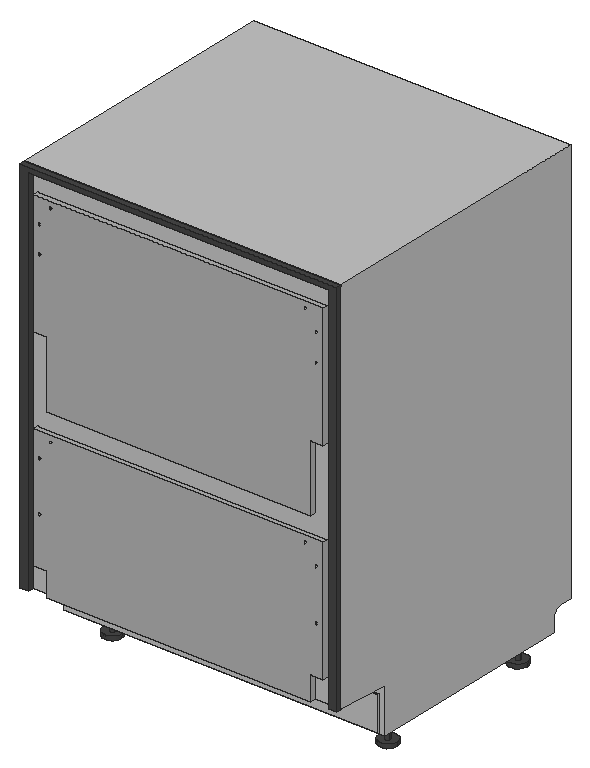
Revit family "FP_Revit_18_DD60DI9_DishDrawer_90000902A", category Specialty Equipment, Revit 2018
Family settings
  Round Connector Dimension = Use Diameter
  Part Type = Normal
  OmniClass Number = 23.40.40.14.31
  OmniClass Title = Cleaning and Disposal Equipment
  Work Plane-Based = No
  Always vertical = Yes
  Cut with Voids When Loaded = Yes
  Shared = No
  Room Calculation Point = No
Parameters (values of type "DD60DI9")
  Visibility - Handle = no
  Visibility - Door Panel = no
  Visibility - Clearance Required = yes
  URL = "www.fisherpaykel.com"
  Toe Kick - Recess (40mm - 100mm) [instance] = 100 mm
  Product - Width = 599 mm  # constant formula
  Product - Height (820mm - 880mm) [instance] = 860 mm
  Product - Depth = 553 mm  # constant formula
  Model = "DD60DI9"
  Material - Trim = Fisher & Paykel - Black
  Material - Door Structure = Fisher & Paykel - Aluminium
  Material - Door Front = Fisher & Paykel - Stainless Steel
  Material - Body = Fisher & Paykel - Grey
  Manufacturer = "Fisher & Paykel Appliances"
  Description = "Integrated Double DishDrawer"
  Connector Description - Water = "3/4“ BSP (GB20) to suit Flat Washer"
  Connector Description - Sanitary = "Drain Hose, No Fitting Required"
  Connector Description - Electrical = "230 V, 15 A, fused electrical supply"
  Chassis - Height (855mm Tall or 811mm Std) = 811 mm  # constant formula
  Cavity - Width = 600 mm  # constant formula
  Cavity - Height = 0 mm  # constant formula
  Cavity - Depth = 560 mm  # constant formula
Types (3, lengths in mm): name | Model
  (no name) | "DD60DI9"
  DD60DI9 | "DD60DI9"
  DD60DHI9 | "DD60DHI9"
Reference planes
  plane 1 "Datum": y = 0
  plane 2: z = 0
  plane 3 "Center (Left/Right)": x = 0
  plane 4: z = 0
  plane 5 "Product LHS": x = -299.5
  plane 6 "Product RHS": x = 299.5
  plane 7 "Product - Depth": y = 553
  plane 8 "Cavity LHS": x = -300
  plane 9 "Cavity RHS": x = 300
  plane 10 "Cavity - Depth": y = 560
  plane 11 "Leg Height": z = 49
  plane 12 "Product - Height": z = 860
  plane 13 "Cavity - Height": z = 862
  plane 14 "Door Front": y = -18
  plane 15 "Toe Kick Front 18mm": y = 82
Forms (mm)
  Extrusion 1, solid, material "Fisher & Paykel - Grey" <- "Material - Body"
    sketch origin (0, 0, 0) x (0, 1, 0) y (0, 0, 1)
      loop
        line (10, 860) -> (10, 140.398) -> (115, 133.503) -> (115, 49) -> (513, 49) -> (513, 68.972)
        arc (513, 68.972) -> (518.858, 83.114) -> (533, 88.972) r 20
        line (533, 88.972) -> (553, 88.972) -> (553, 860) -> (10, 860)
    from -299.5 to 299.5
  Extrusion 2, solid, material "Fisher & Paykel - Aluminium" <- "Material - Door Structure", detail levels fine
    sketch origin (0, 0, 0) x (1, 0, 0) y (0, 0, 1)
      loop
        line (-274, 816.4) -> (-274, 583.2) -> (-250, 583.2) -> (-250, 455.988) -> (250, 455.988) -> (250, 583.2) -> (274, 583.2) -> (274, 816.4) -> (-274, 816.4)
      loop
        line (-274, 419) -> (-274, 186) -> (-250, 186) -> (-250, 140) -> (250, 140) -> (250, 186) -> (274, 186) -> (274, 419) -> (-274, 419)
      loop
        circle (-240.999, 804.198) r 2.5
      loop
        circle (-261.999, 770.698) r 2.5
      loop
        circle (-261.999, 719.198) r 2.5
      loop
        circle (-262, 278) r 2.5
      loop
        circle (-262, 373.5) r 2.5
      loop
        circle (-241, 407) r 2.5
      loop
        circle (240.999, 804.198) r 2.5
      loop
        circle (261.999, 770.698) r 2.5
      loop
        circle (261.999, 719.198) r 2.5
      loop
        circle (262, 278) r 2.5
      loop
        circle (262, 373.5) r 2.5
      loop
        circle (241, 407) r 2.5
    from -10 to 0
  Extrusion 3, solid, material "Fisher & Paykel - Black" <- "Material - Trim"
    sketch origin (0, 0, 0) x (1, 0, 0) y (0, 0, 1)
      loop
        line (-299.5, 860) -> (-299.5, 140) -> (-283.999, 140) -> (-283.999, 850) -> (284, 850) -> (284, 140) -> (299.5, 140) -> (299.5, 860) -> (-299.5, 860)
    from -10 to 0
  Extrusion 4, solid, material "Fisher & Paykel - Black"
    sketch origin (0, 0, 0) x (1, 0, 0) y (0, 1, 0)
      loop
        circle (-260.6, 478.3) r 4
      loop
        circle (-260.6, 170.1) r 4
      loop
        circle (260.6, 478.3) r 4
      loop
        circle (260.6, 170.1) r 4
    from 7 to 49
  Extrusion 5, solid, material "Fisher & Paykel - Black"
    sketch origin (0, 0, 0) x (1, 0, 0) y (0, 1, 0)
      loop
        circle (-260.6, 170.1) r 17.816
      loop
        circle (-260.6, 478.3) r 17.816
      loop
        circle (260.6, 170.1) r 17.816
      loop
        circle (260.6, 478.3) r 17.816
    from 0 to 7
  Sweep 6, solid, material "Fisher & Paykel - Black", detail levels medium+fine
    path origin (0, 537.938, 0) x (1, 0, 0) y (0, 0, 1)
      loop
        line (-134.5, 88.972) -> (-134.5, 58.132)
        arc (-134.5, 58.132) -> (-140.358, 43.989) -> (-154.5, 38.132) r 20
        line (-154.5, 38.132) -> (-349.5, 38.132)
    profile origin (-134.5, 537.938, 73.552) x (0, -1, 0) y (1, 0, 0)
      loop
        circle (0, 0) r 9
  Sweep 7, solid, material "Fisher & Paykel - Black", detail levels medium+fine
    path origin (0, 537.938, 0) x (1, 0, 0) y (0, 0, 1)
      loop
        line (-189.5, 88.972) -> (-189.5, 77.507)
        arc (-189.5, 77.507) -> (-195.358, 63.364) -> (-209.5, 57.507) r 20
        line (-209.5, 57.507) -> (-349.5, 57.507)
    profile origin (-189.5, 537.938, 83.239) x (0, -1, 0) y (1, 0, 0)
      loop
        circle (0, 0) r 9
  Sweep 8, solid, material "Fisher & Paykel - Black", detail levels medium+fine
    path origin (0, 0, 0) x (1, 0, 0) y (0, 0, 1)
      loop
        line (-349.5, 71.736) -> (-66.993, 71.736)
        arc (-66.993, 71.736) -> (-58.507, 75.251) -> (-54.993, 83.736) r 12
        line (-54.993, 83.736) -> (-54.993, 88.972)
    profile origin (-54.993, 0, 86.354) x (-1, 0, 0) y (0, -1, 0)
      loop
        circle (0, -533.939) r 5
  Sweep 9, solid, material "Fisher & Paykel - Black", detail levels medium+fine
    path origin (0, 0, 0) x (1, 0, 0) y (0, 0, 1)
      loop
        line (-349.186, 57.851) -> (-218.186, 57.851)
        arc (-218.186, 57.851) -> (-204.044, 63.709) -> (-198.186, 77.851) r 20
        line (-198.186, 77.851) -> (-198.186, 88.972)
    profile origin (-198.186, 0, 83.412) x (-1, 0, 0) y (0, -1, 0)
      loop
        circle (0, -524.105) r 5
  Extrusion 10, solid, material "Fisher & Paykel - Clearance Required", visible <- "Visibility - Clearance Required", detail levels coarse
    sketch origin (0, 0, 0) x (0, 1, 0) y (0, 0, 1)
      loop
        line (-18, 0) -> (-18, 448.714) -> (-545.03, 448.714) -> (-545.03, 383.647) -> (-586.03, 383.647) -> (-586.03, 367.644) -> (-545.03, 367.644) -> (-545.03, 0) -> (-18, 0)
      loop
        line (-18, 455.988) -> (-18, 853.988) -> (-545.03, 853.988) -> (-545.03, 783.65) -> (-586.03, 783.65) -> (-586.03, 767.647) -> (-545.03, 767.647) -> (-545.03, 455.988) -> (-18, 455.988)
    from -300 to 300
  Extrusion 11, solid, material "Fisher & Paykel - Clearance Required", visible <- "Visibility - Clearance Required", detail levels coarse
    sketch origin (0, 0, 0) x (1, 0, 0) y (0, 1, 0)
      loop
        line (300, 560) -> (-300, 560) -> (-300, 0) -> (300, 0) -> (300, 560)
    from 0 to 860
  Extrusion 12, void
    sketch origin (0, 0, 0) x (1, 0, 0) y (0, 1, 0)
      loop
        line (-300, -18) -> (300, -18) -> (300, 560) -> (-300, 560) -> (-300, -18)
    from 0 to 862
  Extrusion 13, solid, material "Fisher & Paykel - Grey" <- "Material - Body", detail levels fine
    sketch origin (0, 0, 0) x (1, 0, 0) y (0, 0, 1)
      loop
        line (-297.5, 124.4) -> (-297.5, 59.4) -> (297.5, 59.4) -> (297.5, 124.4) -> (207.2, 124.4) -> (207.2, 117.4) -> (210.2, 117.4) -> (210.2, 113) -> (201.44, 113) -> (201.44, 88.145)
        arc (201.44, 88.145) -> (0, 68.613) -> (-201.44, 88.145) r 1048.506
        line (-201.44, 88.145) -> (-201.44, 113) -> (-210.2, 113) -> (-210.2, 117.4) -> (-207.2, 117.4) -> (-207.2, 124.4) -> (-297.5, 124.4)
      loop
        circle (230, 90.4) r 2.4
      loop
        circle (230, 110.4) r 2.4
      loop
        circle (-230, 90.4) r 2.4
      loop
        circle (-230, 110.4) r 2.4
    from -103 to -100
  Extrusion 14, solid, material "Fisher & Paykel - Stainless Steel" <- "Material - Door Front", visible <- "Visibility - Door Panel"
    sketch origin (0, 0, 0) x (1, 0, 0) y (0, 1, 0)
      loop
        line (-297.5, 0) -> (-297.5, -18) -> (297.5, -18) -> (297.5, 0) -> (-297.5, 0)
    from 455.988 to 853.988
  Extrusion 15, solid, material "Fisher & Paykel - Stainless Steel" <- "Material - Door Front", visible <- "Visibility - Door Panel"
    sketch origin (0, 0, 0) x (1, 0, 0) y (0, 1, 0)
      loop
        line (-297.5, 0) -> (-297.5, -18) -> (297.5, -18) -> (297.5, 0) -> (-297.5, 0)
    from 137.714 to 448.714
  Extrusion 16, void
    sketch origin (0, 0, 0) x (1, 0, 0) y (0, 0, 1)
      loop
        line (-84, 89) -> (-84, 104.8) -> (-91.143, 131.459)
        arc (-91.143, 131.459) -> (-97.572, 141.08) -> (-108.53, 144.8) r 18
        line (-108.53, 144.8) -> (-194.97, 144.8)
        arc (-194.97, 144.8) -> (-205.928, 141.08) -> (-212.357, 131.459) r 18
        line (-212.357, 131.459) -> (-219.5, 104.8) -> (-219.5, 89) -> (-84, 89)
    from -553 to -548
Cuts and joins
  Extrusion 16 cuts Extrusion 2
  Extrusion 16 cuts Extrusion 10
  Extrusion 16 cuts Extrusion 15
  Extrusion 16 cuts Extrusion 1
Lines and regions (mm)
  model lines
    curve 1: line (-297.5, 0, 448.714) -> (297.5, 0, 448.714)
    curve 2: line (-297.5, 0, 137.714) -> (-297.5, 0, 448.714)
    curve 3: line (297.5, 0, 137.714) -> (-297.5, 0, 137.714)
    curve 4: line (297.5, 0, 448.714) -> (297.5, 0, 137.714)
    curve 5: line (-297.5, 0, 853.988) -> (297.5, 0, 853.988)
    curve 6: line (-297.5, 0, 455.988) -> (-297.5, 0, 853.988)
    curve 7: line (297.5, 0, 455.988) -> (-297.5, 0, 455.988)
    curve 8: line (297.5, 0, 853.988) -> (297.5, 0, 455.988)
    curve 9: line (-297.5, 0, 853.988) -> (297.5, 0, 853.988)
    curve 10: line (-297.5, 0, 455.988) -> (-297.5, 0, 853.988)
    curve 11: line (297.5, 0, 455.988) -> (-297.5, 0, 455.988)
    curve 12: line (297.5, 0, 853.988) -> (297.5, 0, 455.988)
    curve 13: line (-297.5, 0, 448.714) -> (297.5, 0, 448.714)
    curve 14: line (-297.5, 0, 137.714) -> (-297.5, 0, 448.714)
    curve 15: line (297.5, 0, 137.714) -> (-297.5, 0, 137.714)
    curve 16: line (297.5, 0, 448.714) -> (297.5, 0, 137.714)
Text (mm)
  text "Due to ongoing product development, product details are subject to change without notice. \nPlease always refer to www.fisherpaykel.com for the most current product information. \n© Fisher & Paykel 2020" at (41.04, -690.05, 0), in view "Ref. Level (Plan)"
Dimensions and locks
  equal spacing: plane 5 "Product LHS", plane 3 "Center (Left/Right)", plane 6 "Product RHS"
  "Product - Width": plane 5 "Product LHS" to plane 6 "Product RHS"
  "Product - Depth": plane 1 "Datum" to plane 7 "Product - Depth"
  equal spacing: plane 8 "Cavity LHS", plane 3 "Center (Left/Right)", plane 9 "Cavity RHS"
  "Cavity - Width": plane 8 "Cavity LHS" to plane 9 "Cavity RHS"
  "Cavity - Depth": plane 10 "Cavity - Depth" to plane 1 "Datum"
  Extrusion 1 sketch curve to Extrusion 1 sketch curve = 811 mm
  Extrusion 2 sketch curve to plane 11 "Leg Height" = 370 mm
  "Chassis - Height (855mm Tall or 811mm Std)": plane 12 "Product - Height" to plane 11 "Leg Height"
  locked: Extrusion 2 sketch curve to plane 11 "Leg Height" at 534.2
  locked: plane 12 "Product - Height" to Extrusion 2 sketch curve at 43.6
  "Product - Height (820mm - 880mm)": plane 12 "Product - Height" to level
  plane 12 "Product - Height" to Extrusion 2 = 43.6 mm
  Extrusion 2 to plane 11 "Leg Height" = 370 mm
  Extrusion 2 to plane 11 "Leg Height" = 406.988 mm
  locked: plane 13 "Cavity - Height" to plane 12 "Product - Height" at 2
  locked: plane 11 "Leg Height" to Extrusion 13 at 10.4
  Extrusion 12 to plane 1 "Datum" = 18 mm
  locked: plane 12 "Product - Height" to cut or joined group of Extrusion 10, Extrusion 16 at 6.012
  locked: plane 12 "Product - Height" to nested 1 at 76.7
  locked: plane 12 "Product - Height" to nested 2 at 476.7
  locked: plane 12 "Product - Height" to Extrusion 14 at 404.012
  locked: plane 12 "Product - Height" to cut or joined group of Extrusion 15, Extrusion 16 at 411.286
  locked: plane 12 "Product - Height" to cut or joined group of Extrusion 15, Extrusion 16 at 722.286
  locked: plane 12 "Product - Height" to Extrusion 14 at 6.012
  locked: plane 15 "Toe Kick Front 18mm" to Extrusion 13 at 18
  locked: Extrusion 13 to Extrusion 13 at 3
  "Toe Kick - Recess (40mm - 100mm)": plane 14 "Door Front" to plane 15 "Toe Kick Front 18mm"
  aligned and locked: level to plane 2
  aligned and locked: Extrusion 1 sketch curve to plane 11 "Leg Height"
  aligned and locked: plane 12 "Product - Height" to Extrusion 3 sketch curve
  aligned and locked: Extrusion 4 to Extrusion 5
  aligned and locked: plane 12 "Product - Height" to Extrusion 1
  aligned and locked: Extrusion 10 to plane 9 "Cavity RHS"
  aligned and locked: plane 8 "Cavity LHS" to Extrusion 10
  aligned and locked: Extrusion 11 sketch curve to plane 8 "Cavity LHS"
  aligned and locked: plane 1 "Datum" to Extrusion 11 sketch curve
  aligned and locked: Extrusion 11 sketch curve to plane 9 "Cavity RHS"
  aligned and locked: plane 10 "Cavity - Depth" to Extrusion 11 sketch curve
  aligned and locked: Extrusion 11 to Extrusion 1
  aligned and locked: Extrusion 4 to Extrusion 1
  aligned and locked: plane 13 "Cavity - Height" to Extrusion 12
  aligned and locked: Extrusion 10 to level
  aligned and locked: curve 1 to cut or joined group of Extrusion 15, Extrusion 16
  aligned and locked: curve 2 to cut or joined group of Extrusion 15, Extrusion 16
  aligned and locked: curve 3 to cut or joined group of Extrusion 15, Extrusion 16
  aligned and locked: curve 4 to cut or joined group of Extrusion 15, Extrusion 16
  aligned and locked: curve 5 to Extrusion 14
  aligned and locked: curve 6 to Extrusion 14
  aligned and locked: curve 7 to Extrusion 14
  aligned and locked: curve 8 to Extrusion 14
Automatic sketch dimensions
  Extrusion 2 sketch curve to plane 5 "Product LHS" = 25.5 mm  (x2)
  Extrusion 2 sketch curve to plane 5 "Product LHS" = 37.5 mm  (x2)
  Extrusion 2 sketch curve to plane 5 "Product LHS" = 37.501 mm  (x2)
  Extrusion 2 sketch curve to Extrusion 2 sketch curve = 24 mm
  Extrusion 2 sketch curve to plane 5 "Product LHS" = 49.5 mm
  Extrusion 2 sketch curve to Extrusion 2 sketch curve = 33 mm
  Extrusion 2 sketch curve to Extrusion 2 sketch curve = 33.001 mm
  plane 6 "Product RHS" to Extrusion 2 sketch curve = 58.501 mm
  plane 6 "Product RHS" to Extrusion 2 sketch curve = 58.5 mm
  plane 6 "Product RHS" to Extrusion 2 sketch curve = 49.5 mm  (x2)
  plane 6 "Product RHS" to Extrusion 2 sketch curve = 37.501 mm  (x2)
  plane 6 "Product RHS" to Extrusion 2 sketch curve = 37.5 mm  (x2)
  plane 6 "Product RHS" to Extrusion 2 sketch curve = 25.5 mm  (x2)
  Extrusion 2 sketch curve to Extrusion 2 sketch curve = 12 mm  (x2)
  Extrusion 2 sketch curve to Extrusion 2 sketch curve = 33.5 mm  (x2)
  Extrusion 2 sketch curve to Extrusion 2 sketch curve = 95.5 mm  (x2)
  Extrusion 2 sketch curve to Extrusion 2 sketch curve = 92 mm  (x2)
  Extrusion 2 sketch curve to Extrusion 2 sketch curve = 46 mm
  Extrusion 2 sketch curve to Extrusion 2 sketch curve = 36.988 mm
  Extrusion 2 sketch curve to Extrusion 2 sketch curve = 127.212 mm
  Extrusion 2 sketch curve to Extrusion 2 sketch curve = 135.998 mm  (x2)
  Extrusion 2 sketch curve to Extrusion 2 sketch curve = 45.702 mm  (x2)
  Extrusion 2 sketch curve to Extrusion 2 sketch curve = 12.202 mm  (x2)
  plane 5 "Product LHS" to Extrusion 3 sketch curve = 0 mm
  plane 6 "Product RHS" to Extrusion 3 sketch curve = 0 mm
  Extrusion 3 sketch curve to plane 5 "Product LHS" = 15.501 mm
  plane 6 "Product RHS" to Extrusion 3 sketch curve = 15.5 mm
  Extrusion 3 sketch curve to plane 12 "Product - Height" = 10 mm
  Extrusion 3 sketch curve to plane 11 "Leg Height" = 91 mm  (x2)
  Extrusion 4 sketch curve to plane 5 "Product LHS" = 38.9 mm  (x2)
  plane 6 "Product RHS" to Extrusion 4 sketch curve = 38.9 mm  (x2)
  Extrusion 4 sketch curve to plane 1 "Datum" = 170.1 mm  (x2)
  Extrusion 4 sketch curve to plane 7 "Product - Depth" = 74.7 mm  (x2)
  Extrusion 5 sketch curve to plane 5 "Product LHS" = 38.9 mm  (x2)
  plane 6 "Product RHS" to Extrusion 5 sketch curve = 38.9 mm  (x2)
  Extrusion 5 sketch curve to plane 1 "Datum" = 170.1 mm  (x2)
  Extrusion 5 sketch curve to plane 7 "Product - Depth" = 74.7 mm  (x2)
  plane 11 "Leg Height" to Sweep 6 sketch curve = 10.868 mm
  Sweep 6 sketch curve to plane 5 "Product LHS" = 145 mm
  Sweep 6 sketch curve to plane 11 "Leg Height" = 9.132 mm
  plane 8 "Cavity LHS" to Sweep 6 sketch curve = 49.5 mm
  Sweep 6 sketch curve to Sweep 6 sketch curve = 30.84 mm
  Sweep 6 sketch curve to profile plane = 0 mm
  profile plane to Sweep 6 sketch curve = 0 mm
  Sweep 7 sketch curve to plane 11 "Leg Height" = 8.507 mm
  Sweep 7 sketch curve to plane 5 "Product LHS" = 90 mm
  Sweep 7 sketch curve to Sweep 7 sketch curve = 20 mm
  plane 8 "Cavity LHS" to Sweep 7 sketch curve = 49.5 mm
  Sweep 7 sketch curve to Sweep 7 sketch curve = 11.465 mm
  Sweep 7 sketch curve to profile plane = 0 mm
  profile plane to Sweep 7 sketch curve = 0 mm
  Sweep 8 sketch curve to plane 11 "Leg Height" = 22.736 mm
  Sweep 8 sketch curve to plane 3 "Center (Left/Right)" = 66.993 mm
  Sweep 8 sketch curve to Sweep 8 sketch curve = 12 mm
  plane 8 "Cavity LHS" to Sweep 8 sketch curve = 49.5 mm
  Sweep 8 sketch curve to Sweep 8 sketch curve = 5.236 mm
  Sweep 8 sketch curve to profile plane = 0 mm
  Sweep 8 sketch curve to plane 1 "Datum" = 533.939 mm
  Sweep 9 sketch curve to plane 11 "Leg Height" = 8.851 mm
  Sweep 9 sketch curve to plane 5 "Product LHS" = 81.314 mm
  Sweep 9 sketch curve to Sweep 9 sketch curve = 20 mm
  plane 8 "Cavity LHS" to Sweep 9 sketch curve = 49.186 mm
  Sweep 9 sketch curve to Sweep 9 sketch curve = 11.121 mm
  Sweep 9 sketch curve to profile plane = 0 mm
  Sweep 9 sketch curve to plane 1 "Datum" = 524.105 mm
  Extrusion 12 sketch curve to plane 8 "Cavity LHS" = 0 mm
  Extrusion 12 sketch curve to plane 9 "Cavity RHS" = 0 mm
  Extrusion 12 sketch curve to plane 10 "Cavity - Depth" = 0 mm
  plane 1 "Datum" to Extrusion 12 sketch curve = 18 mm
  Extrusion 13 sketch curve to plane 3 "Center (Left/Right)" = 0 mm
  Extrusion 13 sketch curve to plane 5 "Product LHS" = 98.06 mm
  Extrusion 13 sketch curve to Extrusion 13 sketch curve = 5.76 mm  (x2)
  Extrusion 13 sketch curve to Extrusion 13 sketch curve = 3 mm  (x2)
  Extrusion 13 sketch curve to Extrusion 13 sketch curve = 28.56 mm
  Extrusion 13 sketch curve to Extrusion 13 sketch curve = 19.8 mm  (x2)
  Extrusion 13 sketch curve to plane 5 "Product LHS" = 2 mm
  plane 6 "Product RHS" to Extrusion 13 sketch curve = 98.06 mm
  Extrusion 13 sketch curve to Extrusion 13 sketch curve = 0 mm
  plane 6 "Product RHS" to Extrusion 13 sketch curve = 2 mm
  Extrusion 13 sketch curve to plane 11 "Leg Height" = 10.4 mm
  Extrusion 13 sketch curve to plane 11 "Leg Height" = 39.145 mm
  Extrusion 13 sketch curve to Extrusion 13 sketch curve = 2.255 mm  (x2)
  Extrusion 13 sketch curve to Extrusion 13 sketch curve = 20 mm  (x2)
  Extrusion 13 sketch curve to Extrusion 13 sketch curve = 2.6 mm
  Extrusion 13 sketch curve to Extrusion 13 sketch curve = 24.855 mm
  Extrusion 13 sketch curve to Extrusion 13 sketch curve = 4.4 mm  (x2)
  Extrusion 13 sketch curve to Extrusion 13 sketch curve = 7 mm  (x2)
  plane 13 "Cavity - Height" to Extrusion 13 sketch curve = 255.119 mm
  Extrusion 14 sketch curve to plane 5 "Product LHS" = 2 mm
  plane 6 "Product RHS" to Extrusion 14 sketch curve = 2 mm
  Extrusion 15 sketch curve to plane 5 "Product LHS" = 2 mm
  plane 6 "Product RHS" to Extrusion 15 sketch curve = 2 mm
  plane 1 "Datum" to Extrusion 15 sketch curve = 18 mm
  Extrusion 10 sketch curve to plane 12 "Product - Height" = 76.35 mm
  plane 1 "Datum" to Extrusion 10 sketch curve = 586.03 mm
  Extrusion 10 sketch curve to Extrusion 10 sketch curve = 0 mm  (x3)
  Extrusion 10 sketch curve to Extrusion 10 sketch curve = 41 mm  (x2)
  Extrusion 10 sketch curve to plane 12 "Product - Height" = 6.012 mm
  plane 1 "Datum" to Extrusion 10 sketch curve = 18 mm  (x2)
  Extrusion 10 sketch curve to Extrusion 10 sketch curve = 16.003 mm  (x2)
  Extrusion 10 sketch curve to Extrusion 10 sketch curve = 311.659 mm
  Extrusion 10 sketch curve to Extrusion 10 sketch curve = 7.274 mm
  Extrusion 10 sketch curve to Extrusion 10 sketch curve = 65.067 mm
  plane 11 "Leg Height" to Extrusion 10 sketch curve = 49 mm
  Extrusion 16 sketch curve to plane 11 "Leg Height" = 40 mm
  Extrusion 16 sketch curve to plane 5 "Product LHS" = 80 mm
  Extrusion 16 sketch curve to Extrusion 16 sketch curve = 7.143 mm  (x2)
  Extrusion 16 sketch curve to Extrusion 16 sketch curve = 17.387 mm  (x2)
  Extrusion 16 sketch curve to Extrusion 16 sketch curve = 86.44 mm
  Extrusion 16 sketch curve to Extrusion 16 sketch curve = 15.8 mm  (x2)
  Extrusion 16 sketch curve to Extrusion 16 sketch curve = 22 mm  (x2)
  Extrusion 16 sketch curve to Extrusion 16 sketch curve = 4.659 mm
  plane 1 "Datum" to Extrusion 14 sketch curve = 0 mm
  plane 1 "Datum" to Extrusion 14 sketch curve = 18 mm
  plane 1 "Datum" to Extrusion 15 sketch curve = 0 mm
  Extrusion 1 sketch curve to plane 7 "Product - Depth" = 0 mm
  Extrusion 1 sketch curve to plane 7 "Product - Depth" = 20 mm
  Extrusion 1 sketch curve to Extrusion 1 sketch curve = 20 mm
  Extrusion 1 sketch curve to plane 1 "Datum" = 115 mm
  Extrusion 1 sketch curve to plane 1 "Datum" = 10 mm
  Extrusion 1 sketch curve to plane 11 "Leg Height" = 19.972 mm
  Extrusion 1 sketch curve to plane 11 "Leg Height" = 84.503 mm
  Extrusion 1 sketch curve to plane 11 "Leg Height" = 91.398 mm
  radius of Extrusion 2 sketch curve = 2.5 mm  (x12)
  radius of Extrusion 4 sketch curve = 4 mm  (x4)
  radius of Extrusion 5 sketch curve = 17.816 mm  (x4)
  radius of Sweep 6 sketch curve = 9 mm
  radius of Sweep 7 sketch curve = 9 mm
  radius of Sweep 8 sketch curve = 5 mm
  radius of Sweep 9 sketch curve = 5 mm
  radius of Extrusion 13 sketch curve = 2.4 mm  (x4)
Nested families
  nested 1: "F&P Handle Contemporary Square - Horizontal" at (0, -18, 775.322), visible <- "Visibility - Handle", type "565mm"
  nested 2: "F&P Handle Contemporary Square - Horizontal" at (0, -18, 375.322), visible <- "Visibility - Handle", type "565mm"
Connectors
  electrical at (-349.5, 533.939, 71.736), driven by "Connector Description - Electrical"
    settings: on Sweep 8, index 1, voltage 230 V, apparent load 0 VA, apparent load phase1 0 VA, apparent load phase2 0 VA, apparent load phase3 0 VA, power factor 1, load classification "Other", number of poles 1, system type 30, power factor state 1, is connector primary yes, connector utility no, sub classification motor no, connector description "230 V, 15 A, fused electrical supply"
  piping at (-349.186, 524.105, 57.851), diameter 10, driven by "Connector Description - Water"
    settings: on Sweep 9, index 2, connector inside diameter 609.6 mm, connector length 0 mm, flow factor 0, pipe flow 0.0 L/s, pressure drop 0.0 Pa, fitting loss kfactor 0, connector angle 0.00°, fixture units 0, engagement length 0 mm, angle of deflection 0.00°, flow configuration 0, flow direction 1, fitting loss method 0, system type 20, joint type 0, gender type 0, connector reference index -1, connector utility 0, adjustable connector no, is connector primary yes, connector description "3/4“ BSP (GB20) to suit Flat Washer"
  piping at (-349.5, 537.938, 57.507), diameter 15.9, driven by "Connector Description - Sanitary"
    settings: on Sweep 7, index 3, connector inside diameter 609.6 mm, connector length 0 mm, flow factor 0, pipe flow 0.0 L/s, pressure drop 0.0 Pa, fitting loss kfactor 0, connector angle 0.00°, fixture units 0, engagement length 0 mm, angle of deflection 0.00°, flow configuration 0, flow direction 2, fitting loss method 0, system type 16, joint type 0, gender type 0, connector reference index -1, connector utility 0, adjustable connector no, is connector primary no, connector description "Drain Hose, No Fitting Required"
  piping at (-349.5, 537.938, 38.132), diameter 15.9, driven by "Connector Description - Sanitary"
    settings: on Sweep 6, index 4, connector inside diameter 609.6 mm, connector length 0 mm, flow factor 0, pipe flow 0.0 L/s, pressure drop 0.0 Pa, fitting loss kfactor 0, connector angle 0.00°, fixture units 0, engagement length 0 mm, angle of deflection 0.00°, flow configuration 0, flow direction 2, fitting loss method 0, system type 16, joint type 0, gender type 0, connector reference index -1, connector utility 0, adjustable connector no, is connector primary no, connector description "Drain Hose, No Fitting Required"
Definition of nested family "F&P Handle Contemporary Square - Horizontal"
  Parameters (values of type "565mm")
    URL = "www.fisherpaykel.com"
    Material - Handle = none
    Manufacturer = "Fisher & Paykel Appliances"
    Handle - Standoff = 100 mm
    Handle - Length = 565 mm
  Reference planes
    plane 1 "Center (Front/Back)": y = 0
    plane 2: z = 0
    plane 3 "Center (Left/Right)": x = 0
    plane 4 "Product LHS": x = -282.5
    plane 5 "Product RHS": x = 282.5
    plane 6 "LHS Standoff": x = -182.5
    plane 7 "RHS Standoff": x = 182.5
  Forms (mm)
    Extrusion 1, solid, material <- "Material - Handle", detail levels fine
      sketch origin (0, 0, 0) x (0, 1, 0) y (0, 0, 1)
        loop
          arc (-27.701, 7.561) -> (-28.057, 7.868) -> (-28.514, 7.978) r 1
          line (-28.514, 7.978) -> (-39.5, 7.978)
          arc (-39.5, 7.978) -> (-40.561, 7.539) -> (-41, 6.478) r 1.5
          line (-41, 6.478) -> (-41, -6.522)
          arc (-41, -6.522) -> (-40.561, -7.583) -> (-39.5, -8.022) r 1.5
          line (-39.5, -8.022) -> (-28.487, -8.022)
          arc (-28.487, -8.022) -> (-28.029, -7.911) -> (-27.673, -7.602) r 1
          arc (-27.673, -7.602) -> (-25.256, -0.016) -> (-27.701, 7.561) r 13.038
      from -282.5 to 282.5
    Extrusion 2, solid, material <- "Material - Handle", detail levels fine
      sketch origin (0, 0, 0) x (0, 1, 0) y (0, 0, 1)
        loop
          arc (-27.23, 7.062) -> (-25.156, 0.008) -> (-27.198, -7.056) r 13.136
          arc (-27.198, -7.056) -> (-27.21, -7.463) -> (-26.86, -7.67) r 0.4
          line (-26.86, -7.67) -> (0, -7.67) -> (0, 7.678) -> (-26.893, 7.678)
          arc (-26.893, 7.678) -> (-27.244, 7.47) -> (-27.23, 7.062) r 0.4
      from 182.5 to 282.5
    Extrusion 3, solid, material <- "Material - Handle", detail levels fine
      sketch origin (0, 0, 0) x (0, 1, 0) y (0, 0, -1)
        loop
          arc (-27.23, -7.062) -> (-27.244, -7.47) -> (-26.893, -7.678) r 0.4
          line (-26.893, -7.678) -> (0, -7.678) -> (0, 7.67) -> (-26.86, 7.67)
          arc (-26.86, 7.67) -> (-27.21, 7.463) -> (-27.198, 7.056) r 0.4
          arc (-27.198, 7.056) -> (-25.156, -0.008) -> (-27.23, -7.062) r 13.136
      from 182.5 to 282.5
    Sweep 4, void
      path in 3D
        loop
          line (282.5, -28.514, 7.978) -> (282.5, -39.5, 7.978)
          arc (282.5, -39.5, 7.978) -> (282.5, -40.561, 7.539) -> (282.5, -41, 6.478) r 1.5
          line (282.5, -41, 6.478) -> (282.5, -41, -6.522)
          arc (282.5, -41, -6.522) -> (282.5, -40.561, -7.583) -> (282.5, -39.5, -8.022) r 1.5
          line (282.5, -39.5, -8.022) -> (282.5, -28.487, -8.022)
      profile origin (282.5, -34.007, 7.978) x (1, 0, 0) y (0, 0, 1)
        loop
          line (0, 0) -> (-1.3, 0) -> (0, -1.3) -> (0, 0)
    Sweep 5, void
      path in 3D
        loop
          line (-282.5, -28.487, -8.022) -> (-282.5, -39.5, -8.022)
          arc (-282.5, -39.5, -8.022) -> (-282.5, -40.561, -7.583) -> (-282.5, -41, -6.522) r 1.5
          line (-282.5, -41, -6.522) -> (-282.5, -41, 6.478)
          arc (-282.5, -41, 6.478) -> (-282.5, -40.561, 7.539) -> (-282.5, -39.5, 7.978) r 1.5
          line (-282.5, -39.5, 7.978) -> (-282.5, -28.514, 7.978)
      profile origin (-282.5, -34.007, 7.978) x (-1, 0, 0) y (0, 0, 1)
        loop
          line (0, 0) -> (-1.3, 0) -> (0, -1.3) -> (0, 0)
    Extrusion 6, void
      sketch origin (0, 0, 0) x (1, 0, 0) y (0, 0, 1)
        loop
          line (282.5, 7.978) -> (281.2, 7.978) -> (282.5, 6.678) -> (282.5, 7.978)
        loop
          line (282.5, -8.022) -> (282.5, -6.722) -> (281.2, -8.022) -> (282.5, -8.022)
      from 0 to 28.514
    Extrusion 7, void
      sketch origin (0, 0, 0) x (1, 0, 0) y (0, 0, 1)
        loop
          line (-282.5, 7.978) -> (-282.5, 6.678) -> (-281.2, 7.978) -> (-282.5, 7.978)
        loop
          line (-282.5, -8.022) -> (-281.2, -8.022) -> (-282.5, -6.722) -> (-282.5, -8.022)
      from 0 to 28.487
    Extrusion 8, solid, material <- "Material - Handle", detail levels coarse+medium
      sketch origin (0, 0, 0) x (1, 0, 0) y (0, 1, 0)
        loop
          line (-282.5, -41) -> (282.5, -41) -> (282.5, 0) -> (182.5, 0) -> (182.5, -26.156) -> (-182.5, -26.156) -> (-182.5, 0) -> (-282.5, 0) -> (-282.5, -41)
      from -8.022 to 7.978
  Cuts and joins
    Sweep 4, Sweep 5, Extrusion 6, Extrusion 7 cuts Extrusion 1
    Extrusion 6 cuts Extrusion 2
    Extrusion 7 cuts Extrusion 3
  Lines and regions (mm)
    sketch lines
      curve 1: line (282.5, -28.514, 7.978) -> (282.5, -39.5, 7.978)
      curve 2: arc (282.5, -41, 6.478) -> (282.5, -40.561, 7.539) -> (282.5, -39.5, 7.978) r 1.5
      curve 3: line (282.5, -41, 6.478) -> (282.5, -41, -6.522)
      curve 4: arc (282.5, -39.5, -8.022) -> (282.5, -40.561, -7.583) -> (282.5, -41, -6.522) r 1.5
      curve 5: line (282.5, -39.5, -8.022) -> (282.5, -28.487, -8.022)
      curve 6: line (-282.5, -39.5, 7.978) -> (-282.5, -28.514, 7.978)
      curve 7: arc (-282.5, -39.5, 7.978) -> (-282.5, -40.561, 7.539) -> (-282.5, -41, 6.478) r 1.5
      curve 8: line (-282.5, -41, -6.522) -> (-282.5, -41, 6.478)
      curve 9: arc (-282.5, -41, -6.522) -> (-282.5, -40.561, -7.583) -> (-282.5, -39.5, -8.022) r 1.5
      curve 10: line (-282.5, -28.487, -8.022) -> (-282.5, -39.5, -8.022)
  Dimensions and locks
    equal spacing: plane 4 "Product LHS", plane 3 "Center (Left/Right)", plane 5 "Product RHS"
    "Handle - Length": plane 4 "Product LHS" to plane 5 "Product RHS"
    "Handle - Standoff": plane 4 "Product LHS" to plane 6 "LHS Standoff"
    "Handle - Standoff": plane 7 "RHS Standoff" to plane 5 "Product RHS"
    Extrusion 8 to plane 1 "Center (Front/Back)" = 41 mm
    aligned and locked: level to plane 2
    aligned and locked: Extrusion 1 to plane 5 "Product RHS"
    aligned and locked: plane 4 "Product LHS" to Extrusion 1
    aligned and locked: Extrusion 2 to plane 5 "Product RHS"
    aligned and locked: plane 4 "Product LHS" to Extrusion 3
    aligned and locked: plane 4 "Product LHS" to Extrusion 8 sketch curve
    aligned and locked: Extrusion 8 sketch curve to plane 5 "Product RHS"
    aligned and locked: Extrusion 8 sketch curve to plane 7 "RHS Standoff"
    aligned and locked: plane 6 "LHS Standoff" to Extrusion 8 sketch curve
    aligned and locked: Extrusion 2 to plane 7 "RHS Standoff"
    aligned and locked: plane 6 "LHS Standoff" to Extrusion 3
  Automatic sketch dimensions
    Extrusion 1 sketch curve to level = 6.522 mm
    plane 1 "Center (Front/Back)" to Extrusion 1 sketch curve = 41 mm
    Extrusion 1 sketch curve to Extrusion 1 sketch curve = 1.5 mm  (x2)
    Extrusion 1 sketch curve to level = 0.04 mm
    Extrusion 1 sketch curve to Extrusion 1 sketch curve = 1.206 mm
    level to Extrusion 1 sketch curve = 6.978 mm
    Extrusion 1 sketch curve to Extrusion 1 sketch curve = 10.986 mm
    Extrusion 1 sketch curve to Extrusion 1 sketch curve = 11.013 mm
    Extrusion 1 sketch curve to Extrusion 1 sketch curve = 1 mm
    level to Extrusion 1 sketch curve = 6.478 mm
    Extrusion 1 sketch curve to Extrusion 1 sketch curve = 0 mm
    Extrusion 2 sketch curve to plane 1 "Center (Front/Back)" = 0 mm
    Extrusion 2 sketch curve to level = 7.67 mm
    Extrusion 2 sketch curve to Extrusion 2 sketch curve = 26.86 mm
    level to Extrusion 2 sketch curve = 7.678 mm
    Extrusion 2 sketch curve to Extrusion 2 sketch curve = 0.033 mm
    Extrusion 2 sketch curve to level = 0.022 mm
    Extrusion 2 sketch curve to Extrusion 2 sketch curve = 11.398 mm
    Extrusion 2 sketch curve to Extrusion 2 sketch curve = 0.4 mm  (x2)
    Extrusion 2 sketch curve to Extrusion 2 sketch curve = 0 mm
    Extrusion 3 sketch curve to plane 1 "Center (Front/Back)" = 0 mm
    Extrusion 3 sketch curve to level = 7.67 mm
    Extrusion 3 sketch curve to Extrusion 3 sketch curve = 26.86 mm
    level to Extrusion 3 sketch curve = 7.678 mm
    Extrusion 3 sketch curve to Extrusion 3 sketch curve = 0.033 mm
    Extrusion 3 sketch curve to level = 0.022 mm
    Extrusion 3 sketch curve to Extrusion 3 sketch curve = 11.398 mm
    Extrusion 3 sketch curve to Extrusion 3 sketch curve = 0.4 mm  (x2)
    Extrusion 3 sketch curve to Extrusion 3 sketch curve = 0 mm
    profile plane to Sweep 4 sketch curve = 0 mm
    Sweep 4 sketch curve to profile plane = 0 mm
    Sweep 4 sketch curve to profile plane = 1.3 mm
    profile plane to Sweep 4 sketch curve = 1.3 mm
    Sweep 5 sketch curve to profile plane = 0 mm  (x2)
    profile plane to Sweep 5 sketch curve = 1.3 mm
    Sweep 5 sketch curve to profile plane = 1.3 mm
    plane 5 "Product RHS" to Extrusion 6 sketch curve = 0 mm  (x2)
    Extrusion 6 sketch curve to Extrusion 6 sketch curve = 1.3 mm  (x4)
    Extrusion 6 sketch curve to level = 6.722 mm
    level to Extrusion 6 sketch curve = 6.678 mm
    plane 4 "Product LHS" to Extrusion 7 sketch curve = 0 mm  (x2)
    Extrusion 7 sketch curve to plane 4 "Product LHS" = 1.3 mm  (x2)
    Extrusion 7 sketch curve to level = 8.022 mm
    level to Extrusion 7 sketch curve = 6.678 mm
    Extrusion 7 sketch curve to Extrusion 7 sketch curve = 1.3 mm  (x2)
    plane 1 "Center (Front/Back)" to Extrusion 8 sketch curve = 0 mm  (x2)
    Extrusion 8 sketch curve to Extrusion 8 sketch curve = 26.156 mm
    Extrusion 8 sketch curve to Extrusion 8 sketch curve = 41 mm
